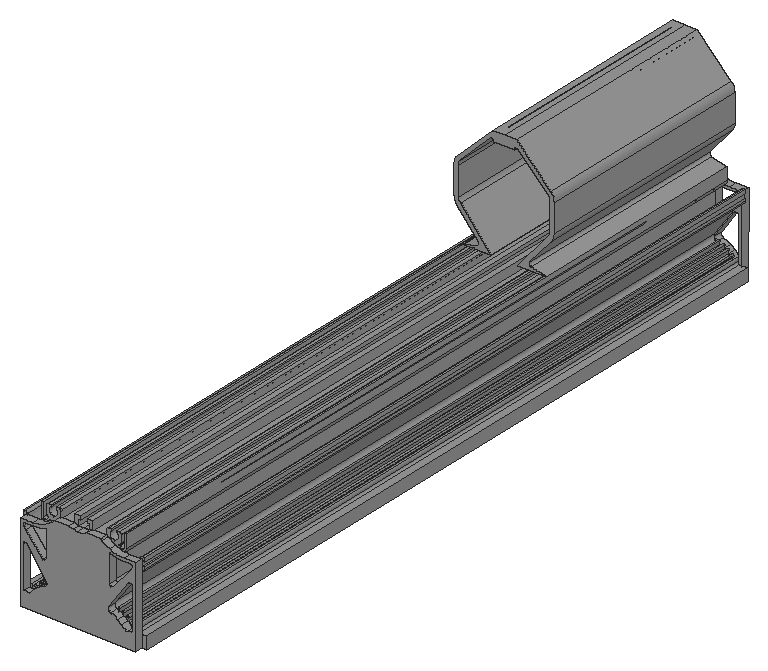
Revit family "L-street 24 Standart", category Осветительные приборы, Revit 2017 (continued)
Types (7, lengths in mm): name | built-in parameter 1150134 | Файл фотометрической сетки | built-in parameter 1150105 | Lumens | built-in parameter 1150106 | built-in parameter 1150142 | Wattage | built-in parameter 1150107 | Артикул
    29.747 1241.598 1237.016 1234.724 1231.574 1229.855 1227.851 1224.127 1218.113 1212.385 1205.797 1196.345 1182.311 1167.418 \r\n1155.102 1147.369 1145.364 1148.515 1154.816 1161.403 1164.553 1159.971 1138.49 1083.212 961.773 750.974 469.43 221.97 92.511 \r\n59.288 48.118 41.53 36.088 30.646 23.199 17.185 16.039 0.00 0.00 0.00 0.00 0.00 0.00 0.00 0.00 0.00 0.00 0.00 0.00 0.00 0.00 0.00 \r\n0.00 0.00 0.00 0.00 0.00 0.00 0.00 0.00 0.00 0.00 0.00 0.00 0.00 0.00 0.00 0.00 0.00 0.00 0.00 0.00 0.00\r\n1229.747 1245.894 1243.03 1242.457 1241.312 1242.457 1243.03 1241.312 1237.875 1235.011 1230.428 1223.554 1212.098 1198.923 \r\n1188.039 1182.884 1183.456 1189.758 1199.496 1212.098 1223.554 1232.147 1230.428 1198.923 1089.513 863.247 544.184 250.325 91.652 \r\n60.147 49.836 42.962 37.234 31.505 24.631 17.758 16.039 0.00 0.00 0.00 0.00 0.00 0.00 0.00 0.00 0.00 0.00 0.00 0.00 0.00 0.00 0.00 \r\n0.00 0.00 0.00 0.00 0.00 0.00 0.00 0.00 0.00 0.00 0.00 0.00 0.00 0.00 0.00 0.00 0.00 0.00 0.00 0.00 0.00\r\n1229.747 1249.331 1249.045 1250.19 1251.336 1254.773 1258.21 1259.069 1258.783 1258.21 1255.919 1251.049 1241.885 1231.86 1222.981 \r\n1218.685 1219.258 1224.986 1234.438 1244.176 1253.627 1263.079 1269.953 1253.914 1167.99 960.913 634.976 295.291 96.234 62.438 \r\n52.413 45.253 39.238 32.651 24.918 17.758 16.039 0.00 0.00 0.00 0.00 0.00 0.00 0.00 0.00 0.00 0.00 0.00 0.00 0.00 0.00 0.00 0.00 \r\n0.00 0.00 0.00 0.00 0.00 0.00 0.00 0.00 0.00 0.00 0.00 0.00 0.00 0.00 0.00 0.00 0.00 0.00 0.00 0.00\r\n1229.747 1252.768 1255.06 1257.924 1261.361 1267.089 1273.39 1276.827 1279.691 1281.41 1281.41 1278.545 1271.672 1264.798 1257.924 \r\n1254.487 1255.06 1260.215 1269.38 1276.254 1283.701 1294.012 1309.478 1308.905 1246.467 1058.581 725.769 340.258 100.817 64.729 \r\n54.991 47.544 41.243 33.797 25.204 17.758 16.039 0.00 0.00 0.00 0.00 0.00 0.00 0.00 0.00 0.00 0.00 0.00 0.00 0.00 0.00 0.00 0.00 \r\n0.00 0.00 0.00 0.00 0.00 0.00 0.00 0.00 0.00 0.00 0.00 0.00 0.00 0.00 0.00 0.00 0.00 0.00 0.00 0.00\r\n1229.747 1257.637 1261.361 1266.516 1272.531 1280.264 1289.142 1295.444 1300.885 1304.609 1306.90 1305.754 1300.599 1296.017 \r\n1291.147 1288.57 1288.856 1292.007 1298.594 1302.604 1304.895 1308.905 1318.643 1318.929 1268.807 1102.402 785.916 389.807 112.56 \r\n67.593 57.282 49.549 43.248 35.229 26.064 18.044 16.326 0.00 0.00 0.00 0.00 0.00 0.00 0.00 0.00 0.00 0.00 0.00 0.00 0.00 0.00 0.00 \r\n0.00 0.00 0.00 0.00 0.00 0.00 0.00 0.00 0.00 0.00 0.00 0.00 0.00 0.00 0.00 0.00 0.00 0.00 0.00 0.00 0.00\r\n1229.747 1262.506 1267.662 1275.108 1283.701 1293.439 1304.895 1314.061 1322.08 1327.808 1332.391 1332.964 1329.527 1327.236 \r\n1324.371 1322.653 1322.653 1323.799 1327.808 1328.954 1326.09 1323.799 1327.808 1328.954 1291.148 1146.223 846.063 439.357 124.303 \r\n70.457 59.574 51.554 45.253 36.661 26.923 18.33 16.612 0.00 0.00 0.00 0.00 0.00 0.00 0.00 0.00 0.00 0.00 0.00 0.00 0.00 0.00 0.00 \r\n0.00 0.00 0.00 0.00 0.00 0.00 0.00 0.00 0.00 0.00 0.00 0.00 0.00 0.00 0.00 0.00 0.00 0.00 0.00 0.00 0.00\r\n1229.747 1266.229 1273.676 1282.841 1293.439 1305.468 1319.216 1331.245 1341.842 1349.862 1356.736 1359.886 1358.168 1357.022 \r\n1355.017 1353.585 1353.585 1354.445 1355.59 1354.444 1348.43 1340.697 1336.687 1328.668 1284.274 1142.213 854.368 458.546 134.90 \r\n72.175 60.72 53.272 46.113 38.093 28.641 19.19 16.612 0.00 0.00 0.00 0.00 0.00 0.00 0.00 0.00 0.00 0.00 0.00 0.00 0.00 0.00 0.00 \r\n0.00 0.00 0.00 0.00 0.00 0.00 0.00 0.00 0.00 0.00 0.00 0.00 0.00 0.00 0.00 0.00 0.00 0.00 0.00 0.00 0.00\r\n1229.747 1269.953 1279.691 1290.575 1303.177 1317.498 1333.537 1348.43 1361.605 1371.916 1381.081 1386.809 1386.809 1386.809 \r\n1385.664 1384.518 1384.518 1385.091 1383.372 1379.935 1370.77 1357.595 1345.566 1328.381 1277.40 1138.203 862.674 477.736 145.498 \r\n73.894 61.865 54.991 46.972 39.525 30.36 20.049 16.612 0.00 0.00 0.00 0.00 0.00 0.00 0.00 0.00 0.00 0.00 0.00 0.00 0.00 0.00 0.00 \r\n0.00 0.00 0.00 0.00 0.00 0.00 0.00 0.00 0.00 0.00 0.00 0.00 0.00 0.00 0.00 0.00 0.00 0.00 0.00 0.00 0.00\r\n1229.747 1267.948 1272.817 1280.264 1292.007 1306.328 1321.794 1337.26 1352.154 1365.329 1378.217 1388.241 1393.969 1398.552 \r\n1398.839 1397.693 1397.12 1397.12 1394.828 1390.246 1381.654 1371.056 1358.741 1340.697 1303.177 1218.971 1048.268 788.492 505.802 \r\n238.294 92.511 55.278 54.132 54.705 49.836 42.102 34.083 0.00 0.00 0.00 0.00 0.00 0.00 0.00 0.00 0.00 0.00 0.00 0.00 0.00 0.00 0.00\r\n 0.00 0.00 0.00 0.00 0.00 0.00 0.00 0.00 0.00 0.00 0.00 0.00 0.00 0.00 0.00 0.00 0.00 0.00 0.00 0.00 0.00\r\n1229.747 1265.943 1265.943 1269.953 1280.837 1295.157 1310.051 1326.09 1342.702 1358.741 1375.353 1389.673 1401.13 1410.295 \r\n1412.014 1410.868 1409.722 1409.15 1406.285 1400.557 1392.538 1384.518 1371.916 1353.013 1328.954 1299.74 1233.865 1099.251 866.111\r\n 402.696 123.157 55.564 61.292 69.885 69.312 64.156 51.554 0.00 0.00 0.00 0.00 0.00 0.00 0.00 0.00 0.00 0.00 0.00 0.00 0.00 0.00 \r\n0.00 0.00 0.00 0.00 0.00 0.00 0.00 0.00 0.00 0.00 0.00 0.00 0.00 0.00 0.00 0.00 0.00 0.00 0.00 0.00 0.00 0.00\r\n1229.747 1263.652 1265.084 1269.953 1282.269 1297.735 1314.633 1331.818 1349.862 1367.62 1384.518 1399.984 1412.873 1422.897 \r\n1427.193 1426.62 1424.615 1424.043 1420.033 1412.586 1402.276 1391.965 1377.644 1356.736 1330.959 1301.745 1229.569 1082.639 \r\n837.757 342.836 100.244 61.578 67.593 69.599 66.734 61.292 48.404 0.00 0.00 0.00 0.00 0.00 0.00 0.00 0.00 0.00 0.00 0.00 0.00 0.00 \r\n0.00 0.00 0.00 0.00 0.00 0.00 0.00 0.00 0.00 0.00 0.00 0.00 0.00 0.00 0.00 0.00 0.00 0.00 0.00 0.00 0.00 0.00 0.00\r\n1229.747 1261.361 1264.225 1269.953 1283.701 1300.313 1319.216 1337.546 1357.022 1376.499 1393.683 1410.295 1424.616 1435.499 \r\n1442.373 1442.373 1439.509 1438.936 1433.781 1424.616 1412.014 1399.412 1383.372 1360.459 1332.964 1303.75 1225.273 1066.027 \r\n809.402 282.976 77.331 67.593 73.894 69.312 64.156 58.428 45.253 0.00 0.00 0.00 0.00 0.00 0.00 0.00 0.00 0.00 0.00 0.00 0.00 0.00 \r\n0.00 0.00 0.00 0.00 0.00 0.00 0.00 0.00 0.00 0.00 0.00 0.00 0.00 0.00 0.00 0.00 0.00 0.00 0.00 0.00 0.00 0.00 0.00\r\n1229.747 1261.361 1265.657 1274.249 1288.857 1307.473 1328.095 1348.144 1369.052 1390.533 1409.436 1428.339 1444.379 1457.267 \r\n1464.427 1464.714 1462.995 1461.277 1456.408 1448.102 1436.073 1423.184 1408.577 1387.382 1360.173 1333.537 1267.089 1123.31 \r\n889.311 355.725 92.225 66.448 74.754 72.463 67.021 61.292 47.831 0.00 0.00 0.00 0.00 0.00 0.00 0.00 0.00 0.00 0.00 0.00 0.00 0.00 \r\n0.00 0.00 0.00 0.00 0.00 0.00 0.00 0.00 0.00 0.00 0.00 0.00 0.00 0.00 0.00 0.00 0.00 0.00 0.00 0.00 0.00 0.00 0.00\r\n1229.747 1261.361 1267.089 1278.545 1294.012 1314.633 1336.974 1358.741 1381.081 1404.567 1425.189 1446.383 1464.141 1479.034 \r\n1486.481 1487.054 1486.481 1483.617 1479.034 1471.587 1460.131 1446.956 1433.781 1414.305 1387.382 1363.324 1308.905 1180.592 \r\n969.22 428.473 107.118 65.302 75.613 75.613 69.885 64.156 50.409 0.00 0.00 0.00 0.00 0.00 0.00 0.00 0.00 0.00 0.00 0.00 0.00 0.00 \r\n0.00 0.00 0.00 0.00 0.00 0.00 0.00 0.00 0.00 0.00 0.00 0.00 0.00 0.00 0.00 0.00 0.00 0.00 0.00 0.00 0.00 0.00 0.00\r\n1229.747 1261.361 1269.094 1282.269 1300.886 1323.226 1346.998 1370.198 1393.683 1418.029 1439.796 1460.704 1479.035 1495.073 \r\n1503.666 1506.53 1507.962 1507.962 1505.671 1500.515 1491.35 1479.607 1469.583 1457.267 1439.796 1427.767 1389.674 1272.818 \r\n1071.756 507.81 121.153 62.724 73.321 74.754 69.312 63.584 49.836 0.00 0.00 0.00 0.00 0.00 0.00 0.00 0.00 0.00 0.00 0.00 0.00 0.00 \r\n0.00 0.00 0.00 0.00 0.00 0.00 0.00 0.00 0.00 0.00 0.00 0.00 0.00 0.00 0.00 0.00 0.00 0.00 0.00 0.00 0.00 0.00 0.00\r\n1229.747 1261.361 1271.099 1285.992 1307.76 1331.818 1357.022 1381.654 1406.285 1431.49 1454.403 1475.024 1493.928 1511.112 1520.85\r\n 1526.006 1529.443 1532.307 1532.307 1529.443 1522.569 1512.258 1505.384 1500.229 1492.209 1492.209 1470.442 1365.042 1174.291 \r\n587.146 135.187 60.147 71.03 73.894 68.739 63.011 49.263 0.00 0.00 0.00 0.00 0.00 0.00 0.00 0.00 0.00 0.00 0.00 0.00 0.00 0.00 0.00\r\n 0.00 0.00 0.00 0.00 0.00 0.00 0.00 0.00 0.00 0.00 0.00 0.00 0.00 0.00 0.00 0.00 0.00 0.00 0.00 0.00 0.00\r\n1229.747 1261.361 1272.818 1289.143 1311.77 1337.26 1364.469 1390.533 1416.023 1442.087 1466.432 1488.486 1508.249 1526.006 \r\n1538.608 1545.196 1551.21 1556.652 1560.089 1561.235 1562.094 1562.953 1566.677 1572.978 1577.274 1578.134 1553.216 1466.719 \r\n1292.58 765.296 233.141 69.026 61.292 71.603 70.744 65.302 51.841 0.00 0.00 0.00 0.00 0.00 0.00 0.00 0.00 0.00 0.00 0.00 0.00 0.00 \r\n0.00 0.00 0.00 0.00 0.00 0.00 0.00 0.00 0.00 0.00 0.00 0.00 0.00 0.00 0.00 0.00 0.00 0.00 0.00 0.00 0.00 0.00 0.00\r\n1229.747 1261.361 1274.536 1292.293 1315.779 1342.702 1371.916 1399.412 1425.761 1452.684 1478.461 1501.947 1522.569 1540.899 \r\n1556.366 1564.385 1572.977 1580.997 1587.871 1593.026 1601.619 1613.648 1627.969 1645.726 1662.338 1664.057 1635.988 1568.395 \r\n1410.868 943.443 331.093 77.904 51.554 69.312 72.749 67.593 54.418 0.00 0.00 0.00 0.00 0.00 0.00 0.00 0.00 0.00 0.00 0.00 0.00 0.00\r\n 0.00 0.00 0.00 0.00 0.00 0.00 0.00 0.00 0.00 0.00 0.00 0.00 0.00 0.00 0.00 0.00 0.00 0.00 0.00 0.00 0.00 0.00 0.00\r\n1229.747 1261.075 1276.827 1296.017 1320.075 1348.144 1378.217 1406.572 1432.922 1460.131 1486.195 1509.967 1530.589 1550.637 \r\n1567.823 1579.279 1590.162 1602.192 1616.512 1633.124 1655.751 1680.955 1701.004 1712.747 1713.606 1713.32 1720.194 1662.625 \r\n1457.84 989.556 353.433 76.185 50.409 65.588 66.448 60.433 47.83 0.00 0.00 0.00 0.00 0.00 0.00 0.00 0.00 0.00 0.00 0.00 0.00 0.00 \r\n0.00 0.00 0.00 0.00 0.00 0.00 0.00 0.00 0.00 0.00 0.00 0.00 0.00 0.00 0.00 0.00 0.00 0.00 0.00 0.00 0.00 0.00 0.00\r\n1229.747 1260.788 1279.118 1299.74 1324.371 1353.586 1384.518 1413.732 1440.082 1467.578 1493.928 1517.986 1538.608 1560.375 \r\n1579.279 1594.172 1607.347 1623.386 1645.153 1673.222 1709.883 1748.262 1774.039 1779.767 1764.874 1762.583 1804.399 1756.854 \r\n1504.811 1035.668 375.773 74.467 49.263 61.865 60.147 53.273 41.243 0.00 0.00 0.00 0.00 0.00 0.00 0.00 0.00 0.00 0.00 0.00 0.00 \r\n0.00 0.00 0.00 0.00 0.00 0.00 0.00 0.00 0.00 0.00 0.00 0.00 0.00 0.00 0.00 0.00 0.00 0.00 0.00 0.00 0.00 0.00 0.00 0.00\r\n1229.747 1259.643 1279.118 1301.459 1326.949 1356.45 1388.242 1419.174 1447.243 1475.598 1503.953 1529.443 1551.497 1574.123 \r\n1594.745 1612.789 1631.406 1655.178 1687.829 1726.781 1763.156 1791.224 1804.972 1808.695 1817.288 1858.818 1882.59 1747.402 \r\n1382.799 869.261 319.922 77.904 53.846 61.292 58.715 51.841 41.243 0.00 0.00 0.00 0.00 0.00 0.00 0.00 0.00 0.00 0.00 0.00 0.00 0.00\r\n 0.00 0.00 0.00 0.00 0.00 0.00 0.00 0.00 0.00 0.00 0.00 0.00 0.00 0.00 0.00 0.00 0.00 0.00 0.00 0.00 0.00 0.00 0.00\r\n1229.747 1258.497 1279.118 1303.177 1329.527 1359.314 1391.965 1424.616 1454.403 1483.617 1513.977 1540.899 1564.385 1587.871 \r\n1610.211 1631.406 1655.464 1686.97 1730.504 1780.34 1816.428 1834.186 1835.904 1837.623 1869.701 1955.052 1960.78 1737.951 1260.788\r\n 702.856 264.072 81.341 58.428 60.719 57.283 50.409 41.243 0.00 0.00 0.00 0.00 0.00 0.00 0.00 0.00 0.00 0.00 0.00 0.00 0.00 0.00 \r\n0.00 0.00 0.00 0.00 0.00 0.00 0.00 0.00 0.00 0.00 0.00 0.00 0.00 0.00 0.00 0.00 0.00 0.00 0.00 0.00 0.00 0.00\r\n1229.747 1258.211 1281.41 1306.614 1334.683 1365.902 1399.698 1431.776 1461.277 1489.918 1519.992 1547.20 1571.546 1596.75 1622.241\r\n 1649.164 1680.955 1720.767 1764.588 1798.671 1818.147 1829.603 1841.06 1868.842 1920.683 1941.304 1780.627 1385.378 903.918 \r\n493.489 211.373 82.201 57.569 55.278 51.268 45.826 38.093 0.00 0.00 0.00 0.00 0.00 0.00 0.00 0.00 0.00 0.00 0.00 0.00 0.00 0.00 \r\n0.00 0.00 0.00 0.00 0.00 0.00 0.00 0.00 0.00 0.00 0.00 0.00 0.00 0.00 0.00 0.00 0.00 0.00 0.00 0.00 0.00 0.00\r\n1229.747 1257.924 1283.701 1310.051 1339.838 1372.489 1407.431 1438.936 1468.151 1496.219 1526.006 1553.501 1578.706 1605.629 \r\n1634.27 1666.921 1706.446 1754.563 1798.671 1817.001 1819.865 1825.02 1846.215 1900.061 1971.664 1927.556 1600.473 1032.804 547.048\r\n 284.121 158.673 83.06 56.71 49.836 45.253 41.243 34.942 0.00 0.00 0.00 0.00 0.00 0.00 0.00 0.00 0.00 0.00 0.00 0.00 0.00 0.00 0.00\r\n 0.00 0.00 0.00 0.00 0.00 0.00 0.00 0.00 0.00 0.00 0.00 0.00 0.00 0.00 0.00 0.00 0.00 0.00 0.00 0.00 0.00\r\n1229.747 1257.638 1284.56 1312.629 1343.561 1376.785 1411.441 1443.805 1473.593 1501.947 1531.162 1559.23 1585.866 1614.794 \r\n1645.727 1681.242 1723.917 1767.165 1794.661 1799.244 1801.535 1815.282 1844.497 1885.74 1877.148 1643.435 1200.641 755.557 432.483\r\n 248.033 147.503 79.623 53.56 46.399 42.103 38.093 32.651 0.00 0.00 0.00 0.00 0.00 0.00 0.00 0.00 0.00 0.00 0.00 0.00 0.00 0.00 \r\n0.00 0.00 0.00 0.00 0.00 0.00 0.00 0.00 0.00 0.00 0.00 0.00 0.00 0.00 0.00 0.00 0.00 0.00 0.00 0.00 0.00 0.00\r\n1229.747 1257.351 1285.419 1315.206 1347.284 1381.081 1415.451 1448.674 1479.034 1507.675 1536.317 1564.958 1593.026 1623.959 \r\n1657.183 1695.562 1741.388 1779.767 1790.651 1781.486 1783.204 1805.544 1842.778 1871.419 1782.631 1359.314 800.809 478.309 317.918\r\n 211.945 136.332 76.186 50.409 42.962 38.952 34.942 30.36 0.00 0.00 0.00 0.00 0.00 0.00 0.00 0.00 0.00 0.00 0.00 0.00 0.00 0.00 \r\n0.00 0.00 0.00 0.00 0.00 0.00 0.00 0.00 0.00 0.00 0.00 0.00 0.00 0.00 0.00 0.00 0.00 0.00 0.00 0.00 0.00 0.00\r\n1229.747 1257.638 1287.138 1317.784 1350.435 1383.945 1418.602 1451.825 1483.044 1511.399 1539.754 1569.541 1600.473 1634.556 \r\n1668.926 1708.164 1747.117 1770.316 1768.025 1760.292 1766.879 1781.772 1788.933 1742.247 1484.476 1009.032 603.758 398.114 286.413\r\n 198.198 124.017 71.031 49.263 41.53 36.947 33.224 28.928 0.00 0.00 0.00 0.00 0.00 0.00 0.00 0.00 0.00 0.00 0.00 0.00 0.00 0.00 \r\n0.00 0.00 0.00 0.00 0.00 0.00 0.00 0.00 0.00 0.00 0.00 0.00 0.00 0.00 0.00 0.00 0.00 0.00 0.00 0.00 0.00 0.00\r\n1229.747 1257.924 1288.856 1320.362 1353.586 1386.809 1421.752 1454.976 1487.054 1515.122 1543.191 1574.123 1607.92 1645.153 \r\n1680.669 1720.766 1752.845 1760.864 1745.398 1739.097 1750.553 1758.00 1735.087 1613.075 1186.321 658.749 406.706 317.918 254.907 \r\n184.45 111.701 65.875 48.117 40.098 34.942 31.505 27.496 0.00 0.00 0.00 0.00 0.00 0.00 0.00 0.00 0.00 0.00 0.00 0.00 0.00 0.00 0.00\r\n 0.00 0.00 0.00 0.00 0.00 0.00 0.00 0.00 0.00 0.00 0.00 0.00 0.00 0.00 0.00 0.00 0.00 0.00 0.00 0.00 0.00\r\n1229.747 1256.778 1289.429 1322.367 1356.737 1390.246 1425.475 1459.272 1490.491 1518.559 1547.487 1579.565 1614.794 1651.168 \r\n1685.538 1718.475 1740.243 1739.097 1724.776 1719.621 1717.902 1693.271 1613.935 1381.654 921.389 512.392 344.268 284.408 228.844 \r\n168.697 107.978 67.307 48.977 39.525 34.083 30.646 27.21 0.00 0.00 0.00 0.00 0.00 0.00 0.00 0.00 0.00 0.00 0.00 0.00 0.00 0.00 0.00\r\n 0.00 0.00 0.00 0.00 0.00 0.00 0.00 0.00 0.00 0.00 0.00 0.00 0.00 0.00 0.00 0.00 0.00 0.00 0.00 0.00 0.00\r\n1229.747 1255.632 1290.002 1324.371 1359.887 1393.683 1429.198 1463.568 1493.928 1521.996 1551.783 1585.007 1621.668 1657.183 \r\n1690.407 1716.184 1727.64 1717.329 1704.154 1700.145 1685.251 1628.542 1492.782 1150.233 656.457 366.035 281.83 250.897 202.78 \r\n152.944 104.254 68.739 49.836 38.952 33.224 29.787 26.923 0.00 0.00 0.00 0.00 0.00 0.00 0.00 0.00 0.00 0.00 0.00 0.00 0.00 0.00 \r\n0.00 0.00 0.00 0.00 0.00 0.00 0.00 0.00 0.00 0.00 0.00 0.00 0.00 0.00 0.00 0.00 0.00 0.00 0.00 0.00 0.00 0.00\r\n1229.747 1253.628 1289.429 1324.658 1360.746 1394.829 1429.485 1463.568 1494.501 1523.428 1553.788 1588.731 1625.105 1659.474 \r\n1689.548 1707.878 1710.169 1696.994 1686.11 1671.217 1626.537 1528.298 1323.226 933.705 519.266 313.049 257.199 229.703 184.163 \r\n140.056 101.963 71.603 52.414 40.098 32.651 28.928 26.923 0.00 0.00 0.00 0.00 0.00 0.00 0.00 0.00 0.00 0.00 0.00 0.00 0.00 0.00 \r\n0.00 0.00 0.00 0.00 0.00 0.00 0.00 0.00 0.00 0.00 0.00 0.00 0.00 0.00 0.00 0.00 0.00 0.00 0.00 0.00 0.00 0.00\r\n1229.747 1251.623 1288.856 1324.944 1361.605 1395.975 1429.771 1463.568 1495.073 1524.86 1555.793 1592.454 1628.542 1661.765 \r\n1688.688 1699.572 1692.698 1676.659 1668.066 1642.289 1567.822 1428.054 1153.671 717.178 382.075 260.063 232.567 208.508 165.546 \r\n127.167 99.672 74.467 54.991 41.243 32.078 28.068 26.923 0.00 0.00 0.00 0.00 0.00 0.00 0.00 0.00 0.00 0.00 0.00 0.00 0.00 0.00 0.00\r\n 0.00 0.00 0.00 0.00 0.00 0.00 0.00 0.00 0.00 0.00 0.00 0.00 0.00 0.00 0.00 0.00 0.00 0.00 0.00 0
